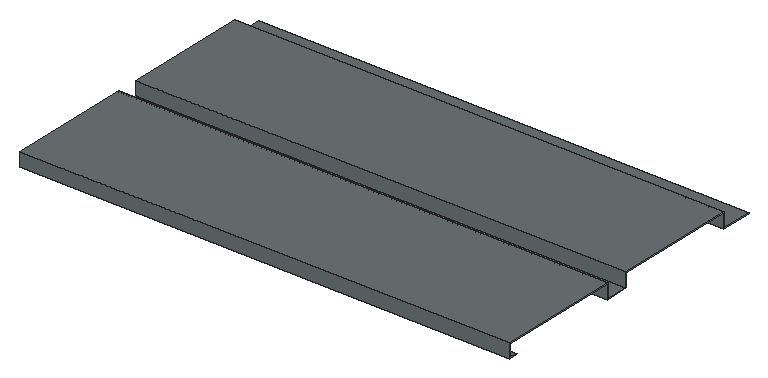
Revit family "BIMLIB_СайдингМеталлическийКвадроБрус_GRANDLINE", category Обобщенные модели, Revit 2017
Family settings
  Может служить основой для арматурных стержней = Нет
  Размер круглого соединителя = Использовать диаметр
  Тип детали = Нормальный
  При загрузке вырезать с полостями = Нет
  Общий = Нет
  Точка расчета площади = Нет
Parameters (values of type "Квадро брус")
  Смещение от плоскости [instance] = 0 mm
  Описание = ADSK_Наименование  # "Металлический сайдинг Квадро брус"
  Изготовитель = "Grand Line"  # constant formula
  built-in parameter 1001306 [instance] = 500 mm
  Watermark [instance] = "Модели защищены уникальным кодом"
  URL = "https://www.grandline.ru"
  BL_Разработано = "support@bimlib.pro"
  BL_Email = "info@grandline.ru"
  BL_BIM library = "https://bimlib.pro/manufacturer/company/22430"
  ADSK_Размер_Ширина = 295 mm
  ADSK_Размер_Длина [instance] = [built-in parameter 1001306]  # 500 mm
  ADSK_Обозначение = "ГОСТ 19904-90, ГОСТ 14918-80"
  ADSK_Наименование = "Металлический сайдинг Квадро брус"
  ADSK_Материал тип подсчета = 2  # constant formula
  ADSK_Материал = GL_Drap_RAL7016
  ADSK_Масса_Текст [instance] = ""
  ADSK_Масса [instance] = 0
  ADSK_Марка = ""
  ADSK_Количество [instance] = if(ADSK_Материал тип подсчета = 0, 1, if(ADSK_Материал тип подсчета = 1, ADSK_Размер_Длина / 1000 mm, if(ADSK_Материал тип подсчета = 2, ADSK_Размер_Длина * ADSK_Размер_Ширина / 1.00 m², 0)))  # 0.1475
  ADSK_Код изделия = "М.18.166.002"  # constant formula
  ADSK_Завод-изготовитель = "Grand Line"  # constant formula
  ADSK_Единица измерения = "м2"  # constant formula
  ADSK_Группирование = "Сайдинг"  # constant formula
  ADSK_Версия Revit = "2017"  # constant formula
  ADSK_URL страницы изделия = "https://www.grandline.ru/shop/fasad/metallicheskij-sajding/metalliceskij-sajding-kvadro-brus/"
  ADSK_URL документации изделия = "https://www.grandline.ru/shop/fasad/metallicheskij-sajding/metalliceskij-sajding-kvadro-brus/montaz-388/#installation"
Reference planes
  plane 1 "По центру (Вперед/Назад)": y = 0
  plane 2: z = 0
  plane 3 "Слева": x = 0
  plane 4 "Справа": x = 500
  plane 5: y = 294.5
Forms (mm)
  Sweep 1, solid, material "GL_Drap_RAL7016" <- "ADSK_Материал"
    path in 3D
      loop
        line (0, 0, 0) -> (500, 0, 0)
    profile "Профиль_СайдингМеталлическийКвадроБрус : Профиль_СайдингМеталлическийКвадроБрус" origin (250, 0, 0) x (0, 1, 0) y (0, 0, 1)
      loop
        line (0, 1) -> (9, 1) -> (9, 1.8) -> (0.8, 1.8) -> (0.8, 14.2) -> (125.2, 14.2) -> (125.2, 0) -> (148.8, 0) -> (148.8, 14.2) -> (273.2, 14.2) -> (273.2, 0) -> (305, 0) -> (305, 0.8) -> (274, 0.8) -> (274, 15) -> (148, 15) -> (148, 0.8) -> (126, 0.8) -> (126, 15) -> (0, 15) -> (0, 1)
Lines and regions (mm)
  reference lines
    curve 1: line (0, 0, 0) -> (500, 0, 0)
  sketch lines
    curve 2: line (0, 0, 0) -> (500, 0, 0)
Dimensions and locks
  "built-in parameter 1001306": plane 3 "Слева" to plane 4 "Справа"
  aligned and locked: plane 4 "Справа" to curve 1
  aligned and locked: plane 1 "По центру (Вперед/Назад)" to curve 1
  aligned and locked: plane 3 "Слева" to curve 1
  aligned and locked: level to plane 2
